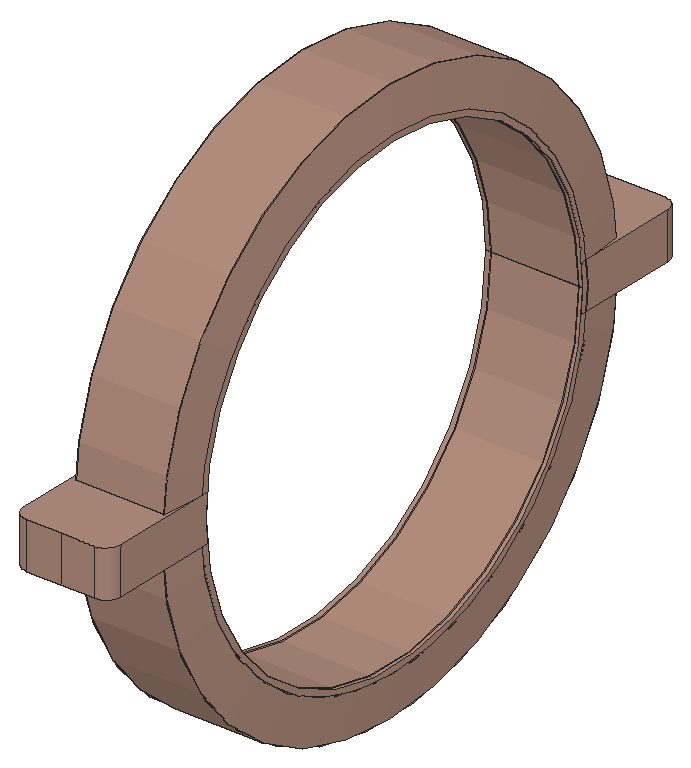
Revit family "Nested Family Issue", category Generic Models, Revit 2016
Family settings
  Part Type = Normal
  Can host rebar = No
  Round Connector Dimension = Use Diameter
  Work Plane-Based = No
  Always vertical = Yes
  Cut with Voids When Loaded = No
  Shared = No
  Room Calculation Point = No
Parameters
  Angle [instance] = 90.00°
Reference planes (in)
  plane 1 "Center (Front/Back)": y = 0
  plane 2: z = 0
  plane 3 "Center (Left/Right)": x = 0
Lines and regions (in)
  reference lines
    curve 1: line (0, 0, 0) -> (0, 6.01041, 0)
    curve 2: line (0, 6.01041, 0) -> (0, 0, 0)
    curve 3: line (0, 0, 0) -> (-6.5, 0, 0)
    curve 4: line (-3.5, -1.75, 0) -> (-3.5, 5.75, 0)
    curve 5: line (-3.5, -1.75, 0) -> (-5, -1.75, 0)
    curve 6: line (-4.5, 2.5, 0) -> (-4.5, -1.75, 0)
    curve 7: line (-5.3125, 1.75, 0) -> (-2.6875, 1.75, 0)
Dimensions and locks (in)
  "Angle": angle plane 3 "Center (Left/Right)" to curve 3
  "Angle": angle plane 1 "Center (Front/Back)" to curve 2
  aligned and locked: plane 2 to level
  aligned and locked: plane 1 "Center (Front/Back)" to curve 3
  aligned and locked: plane 3 "Center (Left/Right)" to curve 2
  aligned and locked: nested 1 to curve 4
  aligned and locked: curve 6 to nested 1
  aligned and locked: nested 1 to curve 5
  aligned and locked: curve 7 to nested 1
Automatic sketch dimensions
  curve 2 to curve 5 = 0' - 1 3/4"
  curve 5 to curve 2 = 0' - 3 1/2"
  curve 6 to curve 2 = 0' - 2 1/2"
  curve 2 to curve 4 = 0' - 0.26041"
  curve 6 to curve 4 = 0' - 1"
  curve 5 to curve 6 = 0' - 0 1/2"
  curve 6 to curve 7 = 0' - 0 3/4"
  curve 7 to curve 6 = 0' - 0 13/16"
  curve 7 to curve 2 = 0' - 2 11/16"
  curve 2 to plane 1 "Center (Front/Back)" = 0' - 6.01041"
Nested families (in)
  nested 1: "AS Grooved Coupling-NoConn" at (-4, 0, 0), type "AS Grooved Coupling-NoConn"
    with Tick yes, PipeOR 0' - 6 3/8", PipeOD 1' - 0 3/4", NomDia 1' - 0", FitRad 0' - 7 11/16", FitDia 1' - 3 3/8", ExtrusionDepth 0' - 2 1/2", Depth 0' - 2 5/8", ClampWidth 1' - 7 1/4", ClampHeight 0' - 1 1/4", BlendTopRad 0' - 6 17/32", BlendTopDia 1' - 1 1/16", BlendDepth 0' - 0 1/8"
Definition of nested family "AS Grooved Coupling-NoConn"
  Parameters (values of type "AS Grooved Coupling-NoConn")
    TickW = 0' - 3 1/2"  # constant formula
    TickD = 0' - 1"  # constant formula
    Tick [instance] = yes
    PipeOR [instance] = PipeOD / 2  # 0' - 6 3/8"
    PipeOD [instance] = size_lookup(ASGrCplng, "PipeOD", 0' 0", NomDia)  # 1' - 0 3/4"
    NomDia [instance] = 1' - 0"
    Material = none
    FitRad [instance] = FitDia / 2  # 0' - 7 11/16"
    FitDia [instance] = size_lookup(ASGrCplng, "FitOD", 0' 0", NomDia)  # 1' - 3 3/8"
    ExtrusionDepth [instance] = Depth - 0' 0 1/8"  # 0' - 2 1/2"
    Depth [instance] = size_lookup(ASGrCplng, "FitD", 0' 0", NomDia)  # 0' - 2 5/8"
    ClampWidth [instance] = size_lookup(ASGrCplng, "ClampW", 0' 0", NomDia)  # 1' - 7 1/4"
    ClampHeight [instance] = size_lookup(ASGrCplng, "ClampH", 0' 0", NomDia)  # 0' - 1 1/4"
    BlendTopRad [instance] = BlendTopDia / 2  # 0' - 6 17/32"
    BlendTopDia [instance] = PipeOD + 0' 0 5/16"  # 1' - 1 1/16"
    BlendDepth [instance] = Depth - ExtrusionDepth  # 0' - 0 1/8"
    ASGrCplng = "AS Gr Coupling"
  Reference planes (in)
    plane 1 "Center (Front/Back)": y = 0
    plane 2: z = 0
    plane 3 "Center (Left/Right)": x = 0
    plane 4: x = -0.01562
    plane 5: x = 0.01563
    plane 6: x = -1.1875
    plane 7: x = 1.1875
    plane 8 "LeftFace": x = -1.3125
    plane 9: x = 1.3125
    plane 10: z = 0.625
    plane 11: z = -0.625
    plane 12: y = 9.625
    plane 13: y = -9.625
    plane 14 "Delete Later": z = 6.375
    plane 15: y = 1.75
    plane 16: y = -1.75
    plane 17: x = -0.5
    plane 18: x = 0.5
    plane 19: z = 1.75
    plane 20: z = -1.75
  Forms (in)
    Extrusion 1, solid, detail levels medium+fine
      sketch origin (0, 0, 0) x (0, 1, 0) y (0, 0, 1)
        loop
          circle (0, 0) r 7.6875
      from -1.1875 to 1.1875
    Blend 2, solid, detail levels medium+fine
      base sketch origin (0, 0, 0) x (0, 1, 0) y (0, 0, 1)
        loop
          circle (0, 0) r 7.6875
      top sketch origin (0, 0, 0) x (0, 1, 0) y (0, 0, 1)
        loop
          circle (0, 0) r 6.53125
      from -1.1875 to -1.3125
    Blend 3, solid, material <- "Material", detail levels medium+fine
      base sketch origin (0, 0, 0) x (0, 1, 0) y (0, 0, 1)
        loop
          circle (0, 0) r 7.6875
      top sketch origin (0, 0, 0) x (0, 1, 0) y (0, 0, 1)
        loop
          circle (0, 0) r 6.53125
      from 1.1875 to 1.3125
    Extrusion 4, solid, detail levels medium+fine
      sketch origin (0, 0, 0) x (1, 0, 0) y (0, 1, 0)
        loop
          line (-1.3125, 0) -> (-1.3125, -9.22718)
          arc (-1.3125, -9.22718) -> (-1.19598, -9.50848) -> (-0.91468, -9.625) r 0.39782
          line (-0.91468, -9.625) -> (0, -9.625) -> (0.91468, -9.625)
          arc (0.91468, -9.625) -> (1.19598, -9.50848) -> (1.3125, -9.22718) r 0.39782
          line (1.3125, -9.22718) -> (1.3125, 0) -> (1.3125, 9.22718)
          arc (1.3125, 9.22718) -> (1.19598, 9.50848) -> (0.91468, 9.625) r 0.39782
          line (0.91468, 9.625) -> (0, 9.625) -> (-0.91468, 9.625)
          arc (-0.91468, 9.625) -> (-1.19598, 9.50848) -> (-1.3125, 9.22718) r 0.39782
          line (-1.3125, 9.22718) -> (-1.3125, 0)
      from -0.625 to 0.625
    Extrusion 5, void
      sketch origin (-1.3125, 0, 0) x (0, 1, 0) y (0, 0, 1)
        loop
          circle (0, 0) r 6.375
      from 0 to 2.625
  Cuts and joins
    Extrusion 5 cuts Extrusion 1
    Extrusion 5 cuts Blend 2
    Extrusion 5 cuts Blend 3
    Extrusion 5 cuts Extrusion 4
  Lines and regions (in)
    model lines, visible <- "Tick", detail levels coarse
      curve 1: line (-0.5, -1.35248, 0) -> (-0.5, 1.35225, 0)
      curve 2: arc (-0.5, 1.35225, 0) -> (-0.3835, 1.6335, 0) -> (-0.10225, 1.75, 0) r 0.39775
      curve 3: line (-0.10225, 1.75, 0) -> (0.10221, 1.75, 0)
      curve 4: arc (0.10221, 1.75, 0) -> (0.38349, 1.63349, 0) -> (0.5, 1.35221, 0) r 0.39779
      curve 5: line (0.5, 1.35221, 0) -> (0.5, -1.35225, 0)
      curve 6: arc (0.5, -1.35225, 0) -> (0.3835, -1.6335, 0) -> (0.10225, -1.75, 0) r 0.39775
      curve 7: line (0.10225, -1.75, 0) -> (-0.10248, -1.75, 0)
      curve 8: arc (-0.5, -1.35248, 0) -> (-0.38357, -1.63357, 0) -> (-0.10248, -1.75, 0) r 0.39752
      curve 9: line (-0.5, 0, -1.35248) -> (-0.5, 0, 1.35225)
      curve 10: arc (-0.5, 0, 1.35225) -> (-0.3835, 0, 1.6335) -> (-0.10225, 0, 1.75) r 0.39775
      curve 11: line (-0.10225, 0, 1.75) -> (0.10221, 0, 1.75)
      curve 12: arc (0.10221, 0, 1.75) -> (0.38349, 0, 1.63349) -> (0.5, 0, 1.35221) r 0.39779
      curve 13: line (0.5, 0, 1.35221) -> (0.5, 0, -1.35225)
      curve 14: arc (0.5, 0, -1.35225) -> (0.3835, 0, -1.6335) -> (0.10225, 0, -1.75) r 0.39775
      curve 15: line (0.10225, 0, -1.75) -> (-0.10248, 0, -1.75)
      curve 16: arc (-0.5, 0, -1.35248) -> (-0.38357, 0, -1.63357) -> (-0.10248, 0, -1.75) r 0.39752
  Dimensions and locks (in)
    equal spacing: plane 4, plane 3 "Center (Left/Right)", plane 5
    plane 4 to plane 5 = 0' - 0 1/32"
    equal spacing: plane 8 "LeftFace", plane 3 "Center (Left/Right)", plane 9
    "Depth": plane 8 "LeftFace" to plane 9
    equal spacing: plane 10, plane 2, plane 11
    "ClampHeight": plane 10 to plane 11
    equal spacing: plane 12, plane 1 "Center (Front/Back)", plane 13
    "ClampWidth": plane 12 to plane 13
    "BlendDepth": plane 8 "LeftFace" to plane 6
    "BlendDepth": plane 7 to plane 9
    equal spacing: plane 15, plane 1 "Center (Front/Back)", plane 16
    "TickW": plane 15 to plane 16
    equal spacing: plane 17, plane 3 "Center (Left/Right)", plane 18
    "TickD": plane 17 to plane 18
    equal spacing: plane 19, level, plane 20
    "TickW": plane 19 to plane 20
    "FitRad": radius of Extrusion 1 sketch curve
    "BlendTopRad": radius of Blend 2 sketch curve
    "FitRad": radius of Blend 2 sketch curve
    "FitRad": radius of Blend 3 sketch curve
    "BlendTopRad": radius of Blend 3 sketch curve
    "PipeOR": radius of Extrusion 5 sketch curve
    aligned and locked: Extrusion 1 to plane 6
    aligned and locked: Extrusion 1 to plane 7
    aligned and locked: Blend 2 to plane 8 "LeftFace"
    aligned and locked: Blend 2 to plane 6
    aligned and locked: Blend 3 to plane 7
    aligned and locked: Blend 3 to plane 9
    aligned and locked: Blend 2 to Extrusion 1
    aligned and locked: plane 13 to Extrusion 4
    aligned and locked: Extrusion 4 to plane 12
    aligned and locked: Extrusion 4 to plane 9
    aligned and locked: Extrusion 4 to plane 8 "LeftFace"
    aligned and locked: Extrusion 4 to plane 11
    aligned and locked: Extrusion 4 to plane 10
    aligned and locked: Extrusion 5 to plane 9
    aligned and locked: Extrusion 5 to plane 8 "LeftFace"
    aligned and locked: plane 17 to curve 9
    aligned and locked: curve 13 to plane 18
    aligned and locked: curve 11 to plane 19
    aligned and locked: plane 20 to curve 15
  Automatic sketch dimensions
    plane 1 "Center (Front/Back)" to Extrusion 4 sketch curve = 0' - 0"  (x2)
    Extrusion 4 sketch curve to plane 8 "LeftFace" = 0' - 0"
    plane 12 to Extrusion 4 sketch curve = 0' - 0"
    plane 13 to Extrusion 4 sketch curve = 0' - 0"
    Extrusion 4 sketch curve to plane 3 "Center (Left/Right)" = 0' - 0"  (x2)
    Extrusion 4 sketch curve to plane 9 = 0' - 0"
    plane 6 to Extrusion 4 sketch curve = 0' - 0.27282"  (x2)
    Extrusion 4 sketch curve to plane 7 = 0' - 0.27282"  (x2)
    curve 1 to plane 17 = 0' - 0"
    curve 7 to plane 16 = 0' - 0"
    curve 3 to plane 15 = 0' - 0"
    curve 4 to plane 18 = 0' - 0"
    curve 8 to plane 4 = 0' - 0.08685"
    curve 3 to plane 4 = 0' - 0.08662"
    plane 5 to curve 3 = 0' - 0.08658"
    plane 5 to curve 6 = 0' - 0.08662"
    curve 16 to plane 4 = 0' - 0.08685"
    curve 11 to plane 4 = 0' - 0.08662"
    plane 5 to curve 11 = 0' - 0.08658"
    plane 5 to curve 15 = 0' - 0.08662"
    level to Extrusion 1 sketch curve = 0' - 0"
    Extrusion 1 sketch curve to plane 1 "Center (Front/Back)" = 0' - 0"
    level to Blend 2 sketch curve = 0' - 0"  (x2)
    Blend 2 sketch curve to plane 1 "Center (Front/Back)" = 0' - 0"  (x2)
    level to Blend 3 sketch curve = 0' - 0"  (x2)
    Blend 3 sketch curve to plane 1 "Center (Front/Back)" = 0' - 0"  (x2)
    level to Extrusion 5 sketch curve = 0' - 0"
    Extrusion 5 sketch curve to plane 1 "Center (Front/Back)" = 0' - 0"
